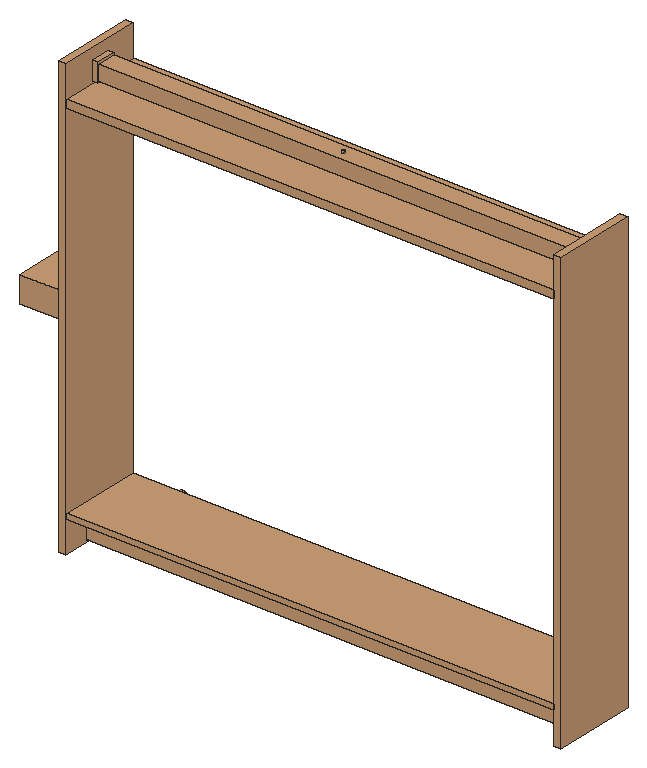
Revit family
Parameters
  Center of Unit = 0' - 0"  # constant formula
  Total Heating Capacity [instance] = 0.0 Btu/h
  Series = "VIFB"
  Outlet Area = 85.80 SF
  Lower Frame Thickness = if(Headers Height = 0' 3", 0' 1 1/4", if(Headers Height = 0' 3 1/4", 0' 1 1/4", 0' 0"))  # 0' - 1 1/4"
  Water Pressure Drop [instance] = 0.00 psi
  Water Flow [instance] = 0 GPM
  Unit Weight (lbs) = 2016
  URL = "http://www.ljwing.com/"
  Water Outlet Radius = 0' - 1 1/2"
  Headers Height = if(M = 0' 1", 0' 3", if(M = 0' 1 1/2", 0' 3 1/4", 0' 0"))  # 0' - 3 1/4"
  Number of Rows = 2  # constant formula
  Number of Coils [instance] = 0
  Nominal Length = 11' - 0 5/8"
  N = 1' - 0 3/4"
  Model = "VF-12W"
  Manufacturer = "LJ Wing"
  M = 0' - 1 1/2"
  Leaving Water Temperature [instance] = 0 °F
  Leaving Air Temperature [instance] = 0 °F
  Entering Water Temperature [instance] = 0 °F
  Entering Air Temperature [instance] = 0 °F
  Description = "Vertical Integral Face & Bypass Water Heating Coils"
  Hot Water Inlet  Radius = 0' - 1 1/2"
  Coil Face Area = Outlet Area * 0.56  # 48.048 SF
  Casing Material = ""
  Assembly Code = "D3020300"
  Air Vent Radius = 0' - 0 1/4"
  Air Pressure Drop [instance] = 0.00 in-wg
  Air Inlet Width = Nominal Length - 0' 4"  # 10' - 8 5/8"
  Air Inlet Height = Y  # 8' - 0"
  Air Flow [instance] = 0 CFM
  Y = 8' - 0"
  S = 0' - 9 3/4"  # constant formula
  Product URL = "http://www.ljwing.com/html/vifb.asp"
  OmniClass = "23-75 70 21 14 "
  Nominal Height = 9' - 8"
  Nominal Depth = 1' - 10"
  R = 0' - 10 1/4"  # constant formula
  Q = 0' - 3 5/16"
Reference planes (in)
  plane 1 "Center (Front/Back)": y = 0
  plane 2: z = -48
  plane 3 "Center (Left/Right)": x = 0
  plane 4: z = 58.25
  plane 5: x = -66.3125
  plane 6: x = 66.3125
  plane 7: z = -57.75
  plane 8: z = 0
  plane 9: y = -11
  plane 10: y = 11
  plane 11: z = 48
  plane 12: z = 50
  plane 13: z = -49.25
  plane 14: x = 64.3125
  plane 15: x = -64.3125
  plane 16: x = -63
  plane 17: x = 63
  plane 18: y = 14.0625
  plane 19: x = -77.3125
  plane 20: z = 55.125
  plane 21: z = 51.125
  plane 22: y = -2.5
  plane 23: y = 2.5
  plane 24: y = -4.5
  plane 25: z = -55.375
  plane 26: x = -53.5625
  plane 27: x = 53.5625
  plane 28: z = -51.375
Forms (in)
  Extrusion 1, solid, material "Painted Finish"
    sketch origin (0, 6, -9.75) x (1, 0, 0) y (0, 0, 1)
      loop
        line (-66.3125, -48) -> (-64.3125, -48) -> (-64.3125, 68) -> (-66.3125, 68) -> (-66.3125, -48)
      loop
        line (66.3125, -48) -> (66.3125, 68) -> (64.3125, 68) -> (64.3125, -48) -> (66.3125, -48)
    from -5 to 17
  Extrusion 2, solid, material "Painted Finish"
    sketch origin (0, 6, 0) x (1, 0, 0) y (0, 0, 1)
      loop
        line (64.3125, -48) -> (-64.3125, -48) -> (-64.3125, -49.25) -> (64.3125, -49.25) -> (64.3125, -48)
      loop
        line (64.3125, 48) -> (64.3125, 50) -> (-64.3125, 50) -> (-64.3125, 48) -> (64.3125, 48)
    from -5 to 17
  Extrusion 3, solid, material "Painted Finish"
    sketch origin (0, 10, -0.5) x (1, 0, 0) y (0, 0, 1)
      loop
        line (-66.3125, 4) -> (-77.3125, 4) -> (-77.3125, -3) -> (-66.3125, -3) -> (-66.3125, 4)
    from 0 to 20
  Extrusion 4, solid, material "Painted Finish"
    sketch origin (0, 6, 0) x (1, 0, 0) y (0, 0, 1)
      loop
        line (-62.6875, 55.125) -> (-62.6875, 51.125) -> (62.6875, 51.125) -> (62.6875, 55.125) -> (-62.6875, 55.125)
    from 3.5 to 8.5
  Extrusion 5, solid, material "Painted Finish"
    sketch origin (0, 0, 0) x (1, 0, 0) y (0, 0, 1)
      loop
        line (-62.6875, 50.625) -> (-62.6875, 55.625) -> (-64.3125, 55.625) -> (-64.3125, 50.625) -> (-62.6875, 50.625)
      loop
        line (64.3125, 50.625) -> (64.3125, 55.625) -> (62.6875, 55.625) -> (62.6875, 50.625) -> (64.3125, 50.625)
    from -2.5 to 2.5
  Extrusion 6, solid, material "Painted Finish"
    sketch origin (0, 6, 0) x (1, 0, 0) y (0, 0, 1)
      loop
        line (-63.8125, -49.75) -> (-63.8125, -49.5) -> (-64.3125, -49.5) -> (-64.3125, -53.25) -> (-63.8125, -53.25) -> (-63.8125, -53) -> (63.8125, -53) -> (63.8125, -53.25) -> (64.3125, -53.25) -> (64.3125, -49.5) -> (63.8125, -49.5) -> (63.8125, -49.75) -> (-63.8125, -49.75)
      loop
        line (63.8125, -57) -> (63.8125, -57.125) -> (64.3125, -57.125) -> (64.3125, -53.5) -> (63.8125, -53.5) -> (63.8125, -53.75) -> (-63.8125, -53.75) -> (-63.8125, -53.5) -> (-64.3125, -53.5) -> (-64.3125, -57.25) -> (-63.8125, -57.25) -> (-63.8125, -57) -> (63.8125, -57)
    from -5 to 10.5
  Extrusion 7, void
    sketch origin (0, 0, 0) x (1, 0, 0) y (0, 0, 1)
      loop
        line (-64.3125, 48) -> (-64.3125, -48) -> (64.3125, -48) -> (64.3125, 48) -> (-64.3125, 48)
    from -11 to 11
  Extrusion 8, solid, material "Painted Finish"
    sketch origin (0, 0, 0) x (1, 0, 0) y (0, 0, 1)
      loop
        circle (53.5625, -55.375) r 1.5
      loop
        circle (-53.5625, -51.375) r 1.5
    from -14.0625 to -11
  Extrusion 9, solid, material "Painted Finish"
    sketch origin (0, 0, 0) x (1, 0, 0) y (0, 1, 0)
      loop
        circle (0, 0) r 0.25
    from 55.125 to 55.625
Cuts and joins
  Extrusion 7 cuts Extrusion 1
  Extrusion 7 cuts Extrusion 2
Dimensions and locks (in)
  "Nominal Length": plane 6 to plane 5
  equal spacing: plane 6, plane 3 "Center (Left/Right)", plane 5
  "S": plane 2 to plane 7
  "Nominal Depth": plane 10 to plane 9
  equal spacing: plane 10, plane 1 "Center (Front/Back)", plane 9
  "Y": plane 11 to plane 2
  "R": plane 4 to plane 11
  locked: plane 12 to plane 11 at 2
  "Lower Frame Thickness": plane 2 to plane 13
  "Q": plane 16 to plane 5
  "Q": plane 6 to plane 17
  locked: plane 18 to plane 10 at 3.0625
  locked: plane 5 to plane 19 at 11
  locked: Extrusion 3 sketch curve to Extrusion 3 sketch curve at 7
  locked: Extrusion 3 to Extrusion 3 at 20
  locked: plane 6 to plane 14 at 2
  locked: plane 15 to plane 5 at 2
  locked: Extrusion 5 sketch curve to plane 20 at 0.5
  locked: plane 21 to Extrusion 5 sketch curve at 0.5
  locked: plane 20 to plane 21 at 4
  locked: plane 23 to plane 22 at 5
  equal spacing: plane 23, plane 1 "Center (Front/Back)", plane 22
  locked: plane 22 to plane 24 at 2
  plane 4 to plane 7 = 9' - 8"
  locked: Extrusion 5 sketch curve to Extrusion 1 at 1.625
  locked: Extrusion 5 sketch curve to Extrusion 5 sketch curve at 1.625
  locked: Extrusion 7 sketch curve to plane 11 at 0
  locked: Extrusion 7 sketch curve to plane 15 at 0
  locked: Extrusion 7 sketch curve to plane 14 at 0
  locked: plane 15 to Extrusion 6 sketch curve at 0.5
  locked: Extrusion 6 sketch curve to Extrusion 6 sketch curve at 0.25  (x2)
  locked: plane 25 to plane 7 at 2.375
  "N": plane 26 to plane 5
  "N": plane 6 to plane 27
  locked: plane 28 to plane 7 at 6.375
  "Headers Height": Extrusion 6 sketch curve to Extrusion 6 sketch curve  (x2)
  locked: Extrusion 8 sketch curve to plane 25 at 0
  locked: Extrusion 8 sketch curve to plane 28 at 0
  locked: Extrusion 9 sketch curve to plane 1 "Center (Front/Back)" at 0
  locked: Extrusion 9 sketch curve to plane 3 "Center (Left/Right)" at 0
  equal spacing: Extrusion 6 sketch curve, plane 28, Extrusion 6 sketch curve
  equal spacing: Extrusion 6 sketch curve, plane 25, Extrusion 6 sketch curve
  locked: plane 4 to plane 20 at 3.125
  locked: Extrusion 7 sketch curve to plane 2 at 0
  equal spacing: plane 11, plane 8, plane 2
  locked: Extrusion 8 sketch curve to plane 27 at 0
  locked: Extrusion 8 sketch curve to plane 26 at 0
  "M": radius of Extrusion 8 sketch curve  (x2)
  "Air Vent Radius": radius of Extrusion 9 sketch curve
  aligned and locked: Extrusion 1 to plane 9
  aligned and locked: Extrusion 1 to plane 10
  aligned and locked: Extrusion 1 to plane 15
  aligned and locked: Extrusion 1 to plane 14
  aligned and locked: Extrusion 2 to plane 9
  aligned and locked: plane 9 to Extrusion 1
  aligned and locked: plane 10 to Extrusion 1  (x2)
  aligned and locked: Extrusion 2 to plane 10
  aligned and locked: plane 10 to Extrusion 2  (x2)
  aligned and locked: plane 9 to Extrusion 2  (x2)
  aligned and locked: plane 5 to Extrusion 3
  aligned and locked: Extrusion 5 sketch curve to plane 15
  aligned and locked: Extrusion 5 sketch curve to Extrusion 4
  aligned and locked: Extrusion 1 to Extrusion 6
  aligned and locked: plane 22 to Extrusion 5
  aligned and locked: Extrusion 5 to Extrusion 4  (x2)
  aligned and locked: Extrusion 5 to plane 23
  aligned and locked: Extrusion 6 to plane 24
  aligned and locked: Extrusion 4 to Extrusion 5  (x2)
  aligned and locked: Extrusion 5 to Extrusion 1  (x2)
  aligned and locked: Extrusion 1 to Extrusion 7  (x2)
  aligned and locked: plane 18 to Extrusion 8
  aligned and locked: Extrusion 8 to plane 10
  aligned and locked: plane 20 to Extrusion 9
  aligned and locked: Extrusion 9 to Extrusion 5
  aligned and locked: plane 2 to cut or joined group of Extrusion 2, Extrusion 7
  aligned and locked: Extrusion 1 sketch curve to plane 6
  aligned and locked: Extrusion 1 sketch curve to plane 14
  aligned and locked: Extrusion 1 sketch curve to plane 15
  aligned and locked: Extrusion 1 sketch curve to plane 5
  aligned and locked: plane 4 to Extrusion 1 sketch curve
  aligned and locked: Extrusion 1 sketch curve to plane 4
  aligned and locked: plane 7 to Extrusion 1 sketch curve
  aligned and locked: Extrusion 1 sketch curve to plane 7
  aligned and locked: Extrusion 2 sketch curve to plane 11
  aligned and locked: Extrusion 2 sketch curve to plane 12
  aligned and locked: plane 2 to Extrusion 2 sketch curve
  aligned and locked: Extrusion 2 sketch curve to plane 13
  aligned and locked: plane 14 to Extrusion 2 sketch curve
  aligned and locked: plane 15 to Extrusion 2 sketch curve
  aligned and locked: Extrusion 2 sketch curve to plane 15
  aligned and locked: Extrusion 2 sketch curve to plane 14
  aligned and locked: Extrusion 4 sketch curve to plane 20
  aligned and locked: Extrusion 4 sketch curve to plane 21
  aligned and locked: plane 14 to Extrusion 6 sketch curve  (x2)
  aligned and locked: Extrusion 6 sketch curve to plane 15  (x2)
Automatic sketch dimensions
  Extrusion 3 sketch curve to plane 19 = 0' - 0"
  Extrusion 3 sketch curve to plane 5 = 0' - 0"
  plane 8 to Extrusion 3 sketch curve = 0' - 3 1/2"
  plane 16 to Extrusion 4 sketch curve = 0' - 0 5/16"
  Extrusion 4 sketch curve to plane 17 = 0' - 0 5/16"
  plane 21 to Extrusion 5 sketch curve = 0' - 0 1/2"
  Extrusion 5 sketch curve to plane 20 = 0' - 0 1/2"
  plane 15 to Extrusion 6 sketch curve = 0' - 0 1/2"  (x2)
  Extrusion 6 sketch curve to Extrusion 6 sketch curve = 0' - 0 1/4"  (x5)
  Extrusion 6 sketch curve to Extrusion 6 sketch curve = 0' - 0"  (x2)
  Extrusion 6 sketch curve to plane 14 = 0' - 0 1/2"  (x2)
  Extrusion 6 sketch curve to Extrusion 6 sketch curve = 0' - 0 1/2"
  Extrusion 6 sketch curve to plane 7 = 0' - 0 5/8"
Connectors (in)
  hvac at (0, -11, 0), driven by "Air Inlet Height", driven by "Air Inlet Width", driven by "Air Flow", driven by "Air Pressure Drop"
    settings: on Extrusion 7, index 1
  hvac at (0, 11, 0), driven by "Air Pressure Drop", driven by "Air Inlet Height", driven by "Air Inlet Width", driven by "Air Flow"
    settings: on Extrusion 7, index 2
  piping at (-53.5625, 14.0625, -51.375), driven by "M", driven by "Water Flow", driven by "Water Pressure Drop"
    settings: on Extrusion 8, index 4
  piping at (53.5625, 14.0625, -55.375), driven by "Water Pressure Drop", driven by "Water Flow", driven by "M"
    settings: on Extrusion 8, index 5
